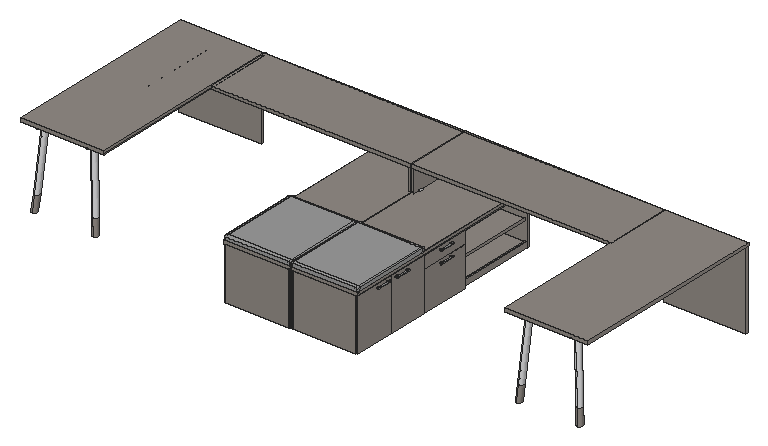
Revit family "JSI-Vision-Typical_Veneer-VSV113", category Furniture, Revit 2020
Family settings
  OmniClass Number = 23.40.20.00
  OmniClass Title = General Furniture and Specialties
  Work Plane-Based = No
  Always vertical = Yes
  Cut with Voids When Loaded = No
  Shared = No
  Room Calculation Point = No
Parameters (values of type "VSV113")
  URL = "www.jsifurniture.com"
  Type Comments = "Typical Veneer"  # constant formula
  Model = "VSV113"
  Manufacturer = "JSI"  # constant formula
  Keynote = "12500"
  Default Elevation = 0"
  Assembly Code = "E2020200"
Reference planes (in)
  plane 1 "Center Front/Back": y = 0
  plane 2: z = 0
  plane 3 "Center Left/Right": x = 0
Dimensions and locks (in)
  aligned and locked: plane 2 to level
Nested families (in)
  nested 1: "JSI-Vision-Bench_Height_Cushion" at (-0.00381, -48, 0.5406) x (0, -1, 0) z (0, 0, 1), type "VSB2430CUSH, 24d Bench H Cushion, 30 W"
    with Width 30"
  nested 2: "JSI-Vision-Support_End_with_Metal_Braces" at (-72, -0.125, 0) x (0, -1, 0) z (0, 0, 1), type "VSV1030ASP, Vision Support End with Metal Braces 28"H, 30"W"
  nested 3: "JSI-Vision-Bench_Height_Support_with_Metal_Braces" at (-0.125, -23.9375, 0) x (-1, 0, 0) z (0, 0, 1), type "VSVB1024ASP, Vision Bench Height Support with Metal Braces 8 1/2"H, 30"W"
  nested 4: "JSI-Vision-Box_File_Modular_Bench_Pedestal" at (0, -30, 0) x (0, -1, 0) z (0, 0, 1), type "VSVB2418MBF, Veneer BF Modular Bench H Ped"
    with Height 18.744", Depth 24"
  nested 5: "JSI-Vision-Hinged_Door_Modular_Bench_Pedestal" at (0, -48, 0) x (0, -1, 0) z (0, 0, 1), type "VSVB2430MHD, Veneer 2 Hngd Doors Modular Bench H Ped"
    with Height 18.744", Depth 24"
  nested 6: "JSI-Vision-Open_Shelf_Modular_Bench_Pedestal" at (0, 0, 0) x (0, -1, 0) z (0, 0, 1), type "VSVB2430MOS, Veneer OS Modular Bench H Ped"
    with Width 30", Height 18.744", Depth 24"
  nested 7: "JSI-Vision-Bench_Height_Modular_Top" at (0, 0, -0.6469) x (0, -1, 0) z (0, 0, 1), type "VSVB2478MT, Veneer Mod Bench H Top, 24" x 78""
    with Width 78", Depth 24"
  nested 8: "JSI-Vision-Bench_Height_Cushion" at (0.00381, -48, 0.5406) x (0, -1, 0) z (0, 0, 1), type "VSB2430CUSH, 24d Bench H Cushion, 30 W"
    with Width 30"
  nested 9: "JSI-Vision-Bench_Height_Support_with_Metal_Braces" at (0.125, -23.9375, 0), type "VSVB1024ASP, Vision Bench Height Support with Metal Braces 8 1/2"H, 30"W"
  nested 10: "JSI-Vision-Box_File_Modular_Bench_Pedestal" at (0, -30, 0) x (0, -1, 0) z (0, 0, 1), type "VSVB2418MBF, Veneer BF Modular Bench H Ped"
    with Height 18.744", Depth 24"
  nested 11: "JSI-Vision-Hinged_Door_Modular_Bench_Pedestal" at (0, -48, 0) x (0, -1, 0) z (0, 0, 1), type "VSVB2430MHD, Veneer 2 Hngd Doors Modular Bench H Ped"
    with Height 18.744", Depth 24"
  nested 12: "JSI-Vision-Open_Shelf_Modular_Bench_Pedestal" at (0, 0, 0) x (0, -1, 0) z (0, 0, 1), type "VSVB2430MOS, Veneer OS Modular Bench H Ped"
    with Width 30", Height 18.744", Depth 24"
  nested 13: "JSI-Vision-Bench_Height_Modular_Top" at (0, 0, -0.6469) x (0, -1, 0) z (0, 0, 1), type "VSVB2478MT, Veneer Mod Bench H Top, 24" x 78""
    with Width 78", Depth 24"
  nested 14: "JSI-Vision-Rectangle_Desk_Top" at (-102, 0, -2) x (0, -1, 0) z (0, 0, 1), type "VSV3072MCT, Veneer Rectangular Desk Top, 30" x 72""
    with Width 72"
  nested 15: "JSI-Vision-Credenza_Top" at (-72, -24, 28), type "VSV2472MCT, Veneer Credenza Top, 24" x 72""
    with Height 0", Width 72", Depth 24"
  nested 16: "JSI-Vision-Credenza_Top" at (72, -24, 28) x (-1, 0, 0) z (0, 0, 1), type "VSV2472MCT, Veneer Credenza Top, 24" x 72""
    with Height 0", Width 72", Depth 24"
  nested 17: "JSI-Vision-Support_End_with_Metal_Braces" at (72, -0.125, 0) x (0, -1, 0) z (0, 0, 1), type "VSV1030ASP, Vision Support End with Metal Braces 28"H, 30"W"
  nested 18: "JSI-Vision-Rectangle_Desk_Top" at (102, 0, -2) x (0, -1, 0) z (0, 0, 1), type "VSV3072MCT, Veneer Rectangular Desk Top, 30" x 72""
    with Width 72"
  nested 19: "JSI-Vision-Wood_Dowel_Base" at (-87, -70.64071, -0.3125) x (0, -1, 0) z (0, 0, 1), type "VSV0228MKL2 - Wood Dowel Base 2"W x 2"D x 28 5/16"H"
  nested 20: "JSI-Vision-Wood_Dowel_Base" at (87, -70.64071, -0.3125) x (0, -1, 0) z (0, 0, 1), type "VSV0228MKL2 - Wood Dowel Base 2"W x 2"D x 28 5/16"H"
  nested 21: "JSI-Vision-Support_Rail_Work_Surface" at (-86, -7, 0.18778) x (0, -1, 0) z (0, 0, 1), type "GP0255SB, Metal Support Rail for Work Surface  2W 55 L 3/4H"
  nested 22: "JSI-Vision-Support_Rail_Work_Surface" at (86, -7, 0.18778) x (0, -1, 0) z (0, 0, 1), type "GP0255SB, Metal Support Rail for Work Surface  2W 55 L 3/4H"
Definition of nested family "JSI-Vision-Bench_Height_Cushion"
  Parameters (values of type "Type Catalog")
    Width = 36"
    URL = "www.jsifurniture.com"
    Type Comments = ""
    Series = "Vision Casegoods"  # constant formula
    Model = "Type Catalog"
    Material = ""
    Manufacturer = "JSI"  # constant formula
    Keynote = "12500"
    JSI Enviromental Website = "http://www.jsifurniture.com/jsi_sustainability_intro.php"
    Height = 1 1/2"
    Description = "Type Catalog"
    Depth = 24"
    Default Elevation = 0"
    Cushion Finish = none
    Bench Height = 19 1/2"
    Assembly Code = "E2020200"
  Reference planes (in)
    plane 1 "Center Front/Back": y = 0
    plane 2: z = 0
    plane 3 "Center Left/Right": x = 0
    plane 4: z = 0
    plane 5: z = 19.5
    plane 6: z = 21
    plane 7: z = 20.625
    plane 8: x = 36
    plane 9: y = -24
  Forms (in)
    Sweep 1, solid, material <- "Cushion Finish"
      path origin (7.5, 51.481, 49.125) x (0, 1, 0) y (0, 0, 1)
        loop
          line (-51.481, -29.625) -> (-51.481, -28.5625)
          arc (-51.481, -28.5625) -> (-51.60914, -28.25314) -> (-51.9185, -28.125) r 0.4375
          line (-51.9185, -28.125) -> (-75.0435, -28.125)
          arc (-75.0435, -28.125) -> (-75.35286, -28.25314) -> (-75.481, -28.5625) r 0.4375
          line (-75.481, -28.5625) -> (-75.481, -29.625)
      profile origin (7.5, -12, 21) x (0, 0, -1) y (1, 0, 0)
        loop
          line (0.375, -7.5) -> (0.375, 28.5)
          spline (0.375, 28.5) -> (0.32605, 28.49144) -> (0.27794, 28.46593) -> (0.23149, 28.42388) -> (0.1875, 28.36603) -> (0.14671, 28.29335) -> (0.10983, 28.20711) -> (0.07749, 28.10876) -> (0.05024, 28) -> (0.02855, 27.88268) -> (0.01278, 27.75882) -> (0.00321, 27.63053) -> (0, 27.5)
          line (0, 27.5) -> (0, -6.5)
          spline (0, -6.5) -> (0.00321, -6.63053) -> (0.01278, -6.75882) -> (0.02855, -6.88268) -> (0.05024, -7) -> (0.07749, -7.10876) -> (0.10983, -7.20711) -> (0.14671, -7.29335) -> (0.1875, -7.36603) -> (0.23149, -7.42388) -> (0.27794, -7.46593) -> (0.32605, -7.49144) -> (0.375, -7.5)
    Extrusion 2, solid, material <- "Cushion Finish"
      sketch origin (7.5, 51.481, 49.125) x (0, 1, 0) y (0, 0, 1)
        loop
          line (-51.856, -29.625) -> (-51.856, -28.5625)
          arc (-51.856, -28.5625) -> (-51.87431, -28.51831) -> (-51.9185, -28.5) r 0.0625
          line (-51.9185, -28.5) -> (-75.0435, -28.5)
          arc (-75.0435, -28.5) -> (-75.0877, -28.51831) -> (-75.106, -28.5625) r 0.0625
          line (-75.106, -28.5625) -> (-75.106, -29.625) -> (-51.856, -29.625)
      from -7.5 to 28.5
  Lines and regions (in)
    symbolic lines
      curve 1: line (36, -0.375, 0) -> (36, -23.625, 0)
      curve 2: line (35, -24, 0) -> (1, -24, 0)
      curve 3: spline (0, -23.625, 0) -> (0.00856, -23.67395, 0) -> (0.03407, -23.72206, 0) -> (0.07612, -23.76851, 0) -> (0.13397, -23.8125, 0) -> (0.20665, -23.85329, 0) -> (0.29289, -23.89017, 0) -> (0.39124, -23.92251, 0) -> (0.5, -23.94976, 0) -> (0.61732, -23.97145, 0) -> (0.74118, -23.98722, 0) -> (0.86947, -23.99679, 0) -> (1, -24, 0)
      curve 4: spline (36, -23.625, 0) -> (35.99144, -23.67395, 0) -> (35.96593, -23.72206, 0) -> (35.92388, -23.76851, 0) -> (35.86603, -23.8125, 0) -> (35.79335, -23.85329, 0) -> (35.70711, -23.89017, 0) -> (35.60876, -23.92251, 0) -> (35.5, -23.94976, 0) -> (35.38268, -23.97145, 0) -> (35.25882, -23.98722, 0) -> (35.13053, -23.99679, 0) -> (35, -24, 0)
      curve 5: line (1, 0, 0) -> (35, 0, 0)
      curve 6: spline (36, -0.375, 0) -> (35.99144, -0.32605, 0) -> (35.96593, -0.27794, 0) -> (35.92388, -0.23149, 0) -> (35.86603, -0.1875, 0) -> (35.79335, -0.14671, 0) -> (35.70711, -0.10983, 0) -> (35.60876, -0.07749, 0) -> (35.5, -0.05024, 0) -> (35.38268, -0.02855, 0) -> (35.25882, -0.01278, 0) -> (35.13053, -0.00321, 0) -> (35, 0, 0)
      curve 7: spline (0, -0.375, 0) -> (0.00856, -0.32605, 0) -> (0.03407, -0.27794, 0) -> (0.07612, -0.23149, 0) -> (0.13397, -0.1875, 0) -> (0.20665, -0.14671, 0) -> (0.29289, -0.10983, 0) -> (0.39124, -0.07749, 0) -> (0.5, -0.05024, 0) -> (0.61732, -0.02855, 0) -> (0.74118, -0.01278, 0) -> (0.86947, -0.00321, 0) -> (1, 0, 0)
      curve 8: line (0, -0.375, 0) -> (0, -23.625, 0)
  Dimensions and locks (in)
    "Height": plane 6 to plane 5
    locked: plane 7 to plane 5 at 1.125
    "Bench Height": plane 5 to level
    "Width": plane 3 "Center Left/Right" to plane 8
    "Depth": plane 1 "Center Front/Back" to plane 9
    locked: Sweep 1 sketch curve to plane 3 "Center Left/Right" at 1
    locked: Sweep 1 sketch curve to plane 8 at 1
    aligned and locked: level to plane 2
    aligned and locked: level to plane 4
    aligned and locked: Sweep 1 to plane 5
    aligned and locked: Extrusion 2 to Sweep 1  (x3)
    aligned and locked: Extrusion 2 to plane 3 "Center Left/Right"
    aligned and locked: Extrusion 2 to plane 8
    aligned and locked: plane 1 "Center Front/Back" to Sweep 1 sketch curve
    aligned and locked: plane 9 to Sweep 1 sketch curve
    aligned and locked: Sweep 1 sketch curve to plane 6
  Automatic sketch dimensions
    Sweep 1 sketch curve to plane 5 = 0"  (x2)
    Sweep 1 sketch curve to plane 7 = 1/16"
    plane 1 "Center Front/Back" to Sweep 1 sketch curve = 7/16"
    Sweep 1 sketch curve to profile plane = 0"
    Sweep 1 sketch curve to profile plane = 3/8"
    Sweep 1 sketch curve to Sweep 1 sketch curve = 1"  (x2)
    Extrusion 2 sketch curve to plane 5 = 0"
    Extrusion 2 sketch curve to plane 7 = 0"
    plane 9 to Extrusion 2 sketch curve = 3/8"
    Extrusion 2 sketch curve to plane 7 = 1/16"
    plane 1 "Center Front/Back" to Extrusion 2 sketch curve = 7/16"
    plane 1 "Center Front/Back" to Extrusion 2 sketch curve = 3/8"
    curve 3 to plane 3 "Center Left/Right" = 0"
    curve 3 to plane 9 = 0"
    plane 1 "Center Front/Back" to curve 7 = 0"
    curve 4 to plane 8 = 0"
    plane 3 "Center Left/Right" to curve 2 = 1"
    plane 3 "Center Left/Right" to curve 5 = 1"
    plane 8 to curve 5 = 1"
    plane 8 to curve 2 = 1"
    plane 9 to curve 1 = 3/8"
    plane 1 "Center Front/Back" to curve 1 = 3/8"
    plane 9 to curve 3 = 3/8"
    plane 1 "Center Front/Back" to curve 8 = 3/8"
Definition of nested family "JSI-Vision-Support_End_with_Metal_Braces"
  Parameters (values of type "VST1030ASP, Vision Support End with Metal Braces 28"H, 30"W")
    Width = 30"
    URL = "www.jsifurniture.com"
    Type Comments = ""
    Support Wood Finish = none
    Support Finish = none
    Series = "Vision Casegoods"  # constant formula
    Model = "VST1030ASP"
    Material = ""
    Manufacturer = "JSI"  # constant formula
    Keynote = "12500"  # constant formula
    JSI Enviromental Website = "http://www.jsifurniture.com/jsi_sustainability_intro.php"
    Height = 28"
    Hardware Finish = none
    Description = "Vision Support End Laminate with Metal Braces -  3/4\"D x 30\"W x 28\"H"
    Depth = 3/4"
    Default Elevation = 0"
    Assembly Code = "E2020200"
  Types (4): name | Width | Model | Description
    VST1030ASP, Vision Support End with Metal Braces 28"H, 30"W | 30" | "VST1030ASP" | "Vision Support End Laminate with Metal Braces -  3/4\"D x 30\"W x 28\"H"
    VST1036ASP, Vision Support End with Metal Braces 28"H, 36"W | 36" | "VST1036ASP" | "Vision Support End Laminate with Metal Braces -  3/4\"D x 36\"W x 28\"H"
    VSV1030ASP, Vision Support End with Metal Braces 28"H, 30"W | 30" | "VSV1030ASP" | "Vision Support End Venner with Metal Braces -  3/4\"D x 30\"W x 28\"H"
    VSV1036ASP, Vision Support End with Metal Braces 28"H, 36"W | 36" | "VSV1036ASP" | "Vision Support End Venner with Metal Braces -  3/4\"D x 36\"W x 28\"H"
  Reference planes (in)
    plane 1 "Center Front/Back": y = 0
    plane 2: z = 0
    plane 3 "Center Left/Right": x = 0
    plane 4: z = 0
    plane 5: z = 28
    plane 6: x = 0.75
    plane 7: y = -30
    plane 8: y = -15
  Forms (in)
    Extrusion 1, solid, material <- "Support Wood Finish"
      sketch origin (0, 0, 0) x (1, 0, 0) y (0, 1, 0)
        loop
          line (0, -0.1875) -> (0, -29.8125) -> (0.75, -29.8125) -> (0.75, -0.1875) -> (0, -0.1875)
      from 0 to 28
    Extrusion 2, solid, material <- "Support Finish"
      sketch origin (0, 0, 0) x (1, 0, 0) y (0, 0, 1)
        loop
          line (1.01072, 21.34172) -> (7.4271, 27.75811)
          arc (7.4271, 27.75811) -> (7.48703, 27.79815) -> (7.55772, 27.81221) r 0.18472
          line (7.55772, 27.81221) -> (10.08071, 27.81221) -> (10.08071, 28) -> (7.55916, 28)
          arc (7.55916, 28) -> (7.41566, 27.97145) -> (7.294, 27.89017) r 0.375
          line (7.294, 27.89017) -> (0.85983, 21.456)
          arc (0.85983, 21.456) -> (0.77855, 21.33434) -> (0.75, 21.19084) r 0.375
          line (0.75, 21.19084) -> (0.75, 18.669) -> (0.9375, 18.669) -> (0.9375, 21.16495)
          arc (0.9375, 21.16495) -> (0.95653, 21.26062) -> (1.01072, 21.34172) r 0.25
      from 10.5 to 11.5
    Extrusion 3, solid, material <- "Support Finish"
      sketch origin (0, -8, 0) x (1, 0, 0) y (0, 0, 1)
        loop
          line (1.01072, 21.34172) -> (7.4271, 27.75811)
          arc (7.4271, 27.75811) -> (7.48703, 27.79815) -> (7.55772, 27.81221) r 0.18472
          line (7.55772, 27.81221) -> (10.08071, 27.81221) -> (10.08071, 28) -> (7.55916, 28)
          arc (7.55916, 28) -> (7.41566, 27.97145) -> (7.294, 27.89017) r 0.375
          line (7.294, 27.89017) -> (0.85983, 21.456)
          arc (0.85983, 21.456) -> (0.77855, 21.33434) -> (0.75, 21.19084) r 0.375
          line (0.75, 21.19084) -> (0.75, 18.669) -> (0.9375, 18.669) -> (0.9375, 21.16495)
          arc (0.9375, 21.16495) -> (0.95653, 21.26062) -> (1.01072, 21.34172) r 0.25
      from 10.5 to 11.5
    Extrusion 4, solid, material <- "Hardware Finish"
      sketch origin (0, 0, 0) x (1, 0, 0) y (0, 0, 1)
        loop
          line (0.75, 28) -> (0.75, 26.9375) -> (0.8125, 26.9375) -> (0.8125, 27.9375) -> (1.8125, 27.9375) -> (1.8125, 28) -> (0.75, 28)
      from 1.6875 to 3.6875
    Extrusion 5, solid, material <- "Hardware Finish"
      sketch origin (0, -8.75, 0) x (1, 0, 0) y (0, 0, 1)
        loop
          line (0.75, 28) -> (0.75, 26.9375) -> (0.8125, 26.9375) -> (0.8125, 27.9375) -> (1.8125, 27.9375) -> (1.8125, 28) -> (0.75, 28)
      from -1.3125 to 0.6875
    Extrusion 6, solid, material <- "Hardware Finish"
      sketch origin (0, -21.875, 0) x (1, 0, 0) y (0, 0, 1)
        loop
          line (0.75, 28) -> (0.75, 26.9375) -> (0.8125, 26.9375) -> (0.8125, 27.9375) -> (1.8125, 27.9375) -> (1.8125, 28) -> (0.75, 28)
      from -1.3125 to 0.6875
    Extrusion 7, solid, material <- "Hardware Finish"
      sketch origin (0, -30.625, 0) x (1, 0, 0) y (0, 0, 1)
        loop
          line (0.75, 28) -> (0.75, 26.9375) -> (0.8125, 26.9375) -> (0.8125, 27.9375) -> (1.8125, 27.9375) -> (1.8125, 28) -> (0.75, 28)
      from -4.3125 to -2.3125
  Lines and regions (in)
    symbolic lines
      curve 1: line (0, -0.1875, 0) -> (0.75, -0.1875, 0)
      curve 2: line (0, -29.8125, 0) -> (0, -0.1875, 0)
      curve 3: line (0.75, -29.8125, 0) -> (0, -29.8125, 0)
      curve 4: line (0.75, -0.1875, 0) -> (0.75, -29.8125, 0)
      curve 5: line (0.75, -1.83336, 0) -> (1.30712, -1.83336, 0)
      curve 6: line (1.30712, -1.83336, 0) -> (1.30712, -3.4108, 0)
      curve 7: line (1.30712, -3.4108, 0) -> (0.75, -3.4108, 0)
      curve 8: line (0.75, -26.5892, 0) -> (1.30712, -26.5892, 0)
      curve 9: line (1.30712, -26.5892, 0) -> (1.30712, -28.16665, 0)
      curve 10: line (1.30712, -28.16665, 0) -> (0.75, -28.16665, 0)
  Dimensions and locks (in)
    "Depth": plane 3 "Center Left/Right" to plane 6
    "Width": plane 1 "Center Front/Back" to plane 7
    locked: Extrusion 1 sketch curve to plane 1 "Center Front/Back" at 0.1875
    locked: Extrusion 1 sketch curve to plane 7 at 0.1875
    equal spacing: plane 7, plane 8, plane 1 "Center Front/Back"
    plane 5 to Extrusion 2 sketch curve to Extrusion 2 sketch curve to Extrusion 2 sketch curve to Extrusion 2 sketch curve to Extrusion 2 sketch curve = 0.18779" locked, 0.18472" locked, 6.43665" locked, 0.02589" locked, 2.49595" locked
    Extrusion 2 sketch curve to Extrusion 2 sketch curve to Extrusion 2 sketch curve to Extrusion 2 sketch curve to Extrusion 2 sketch curve to plane 6 = 2.52299" locked, 6.37022" locked, 1/16" locked, 3/16" locked, 3/16" locked
    Extrusion 3 sketch curve to Extrusion 3 sketch curve to Extrusion 3 sketch curve to Extrusion 3 sketch curve to Extrusion 3 sketch curve = 0.18472" locked, 6.43665" locked, 0.02589" locked, 2.49595" locked
    Extrusion 3 sketch curve to Extrusion 3 sketch curve to Extrusion 3 sketch curve to Extrusion 3 sketch curve to Extrusion 3 sketch curve = 2.52299" locked, 6.37022" locked, 1/16" locked, 3/16" locked
    Extrusion 2 to Extrusion 2 to plane 8 to Extrusion 3 to Extrusion 3 = 1" locked, 3 1/2" locked, 3 1/2" locked, 1" locked
    plane 5 to Extrusion 4 sketch curve to Extrusion 4 sketch curve = 1/16" locked, 1" locked
    plane 6 to Extrusion 4 sketch curve to Extrusion 4 sketch curve = 1/16" locked, 1" locked
    locked: Extrusion 5 sketch curve to Extrusion 5 sketch curve at 1  (x2)
    locked: Extrusion 6 sketch curve to Extrusion 6 sketch curve at 1  (x2)
    locked: Extrusion 7 sketch curve to Extrusion 7 sketch curve at 1  (x2)
    Extrusion 5 to Extrusion 5 to Extrusion 2 to Extrusion 2 to plane 8 to Extrusion 3 to Extrusion 3 to Extrusion 6 to Extrusion 6 = 2" locked, 1 1/16" locked, 1" locked, 3 1/2" locked, 3 1/2" locked, 1" locked, 1 1/16" locked, 2" locked
    plane 1 "Center Front/Back" to Extrusion 4 to Extrusion 4 = 1 11/16" locked, 2" locked
    Extrusion 7 to Extrusion 7 to plane 7 = 2" locked, 1 11/16" locked
    "Height": plane 5 to plane 4
    aligned and locked: level to plane 2
    aligned and locked: plane 3 "Center Left/Right" to Extrusion 1 sketch curve
    aligned and locked: plane 6 to Extrusion 1 sketch curve
    aligned and locked: plane 5 to Extrusion 1
    aligned and locked: curve 1 to Extrusion 1
    aligned and locked: curve 2 to Extrusion 1
    aligned and locked: curve 3 to Extrusion 1
    aligned and locked: curve 4 to Extrusion 1
    aligned and locked: Extrusion 2 sketch curve to plane 5
    aligned and locked: Extrusion 2 sketch curve to plane 6
    aligned and locked: Extrusion 4 sketch curve to plane 5
    aligned and locked: plane 6 to Extrusion 4 sketch curve
    aligned and locked: Extrusion 1 to plane 4
  Automatic sketch dimensions
    curve 7 to curve 6 = 0.55712"
    curve 8 to curve 8 = 0.55712"
    curve 3 to curve 9 = 1.64585"
    curve 9 to curve 9 = 1.57745"
    curve 6 to curve 1 = 3.2233"
    curve 6 to curve 5 = 1.57744"
    Extrusion 2 sketch curve to plane 6 = 0.10983"
    Extrusion 2 sketch curve to Extrusion 2 sketch curve = 0.15089"
    Extrusion 2 sketch curve to plane 5 = 0.10983"
    Extrusion 2 sketch curve to Extrusion 2 sketch curve = 0.26372"
    Extrusion 2 sketch curve to plane 5 = 0.24189"
    Extrusion 2 sketch curve to Extrusion 2 sketch curve = 0.00144"
    plane 6 to Extrusion 3 sketch curve = 0"
    Extrusion 3 sketch curve to plane 5 = 0"
    Extrusion 3 sketch curve to plane 6 = 0.10983"
    Extrusion 3 sketch curve to Extrusion 3 sketch curve = 3/16"
    Extrusion 3 sketch curve to Extrusion 3 sketch curve = 0.15089"
    Extrusion 3 sketch curve to plane 5 = 0.10983"
    Extrusion 3 sketch curve to Extrusion 3 sketch curve = 0.26372"
    Extrusion 3 sketch curve to plane 5 = 0.24189"
    Extrusion 3 sketch curve to Extrusion 3 sketch curve = 0.13062"
    Extrusion 3 sketch curve to Extrusion 3 sketch curve = 0.00144"
    Extrusion 5 sketch curve to plane 5 = 0"
    plane 6 to Extrusion 5 sketch curve = 0"
    Extrusion 5 sketch curve to plane 6 = 1/16"
    Extrusion 5 sketch curve to plane 5 = 1/16"
    Extrusion 6 sketch curve to plane 5 = 0"
    plane 6 to Extrusion 6 sketch curve = 0"
    Extrusion 6 sketch curve to plane 6 = 1/16"
    Extrusion 6 sketch curve to plane 5 = 1/16"
    Extrusion 7 sketch curve to plane 5 = 0"
    plane 6 to Extrusion 7 sketch curve = 0"
    Extrusion 7 sketch curve to plane 6 = 1/16"
    Extrusion 7 sketch curve to plane 5 = 1/16"
Definition of nested family "JSI-Vision-Bench_Height_Support_with_Metal_Braces"
  Parameters (values of type "VSVB1030ASP, Vision Bench Height Support with Metal Braces 8 1/2"H, 30"W")
    Width = 30"
    URL = "www.jsifurniture.com"
    Type Comments = ""
    Support Wood Finish = none
    Series = "Vision Casegoods"  # constant formula
    Model = "VSVB1030ASP"
    Material = ""
    Manufacturer = "JSI"  # constant formula
    Keynote = "12500"  # constant formula
    JSI Enviromental Website = "http://www.jsifurniture.com/jsi_sustainability_intro.php"
    Height = 8 1/2"
    Hardware Finish = none
    Description = "Vision Bench Height Support Venner with Metal Braces -  3/4\"D x 30\"W x 8 1/2\"H"
    Depth = 3/4"
    Default Elevation = 0"
    Braces Finish = none
    Assembly Code = "E2020200"
  Types (4): name | Width | Model | Description
    VSTB1030ASP, Vision Bench Height Support with Metal Braces 8 1/2"H, 30"W | 30" | "VSTB1030ASP" | "Vision Bench Height Support Laminate with Metal Braces -  3/4\"D x 30\"W x 8 1/2\"H"
    VSTB1024ASP, Vision Bench Height Support with Metal Braces 8 1/2"H, 30"W | 24" | "VSTB1024ASP" | "Vision Bench Height Support Laminate with Metal Braces -  3/4\"D x 24\"W x 8 1/2\"H"
    VSVB1024ASP, Vision Bench Height Support with Metal Braces 8 1/2"H, 30"W | 24" | "VSVB1024ASP" | "Vision Bench Height Support Venner with Metal Braces -  3/4\"D x 24\"W x 8 1/2\"H"
    VSVB1030ASP, Vision Bench Height Support with Metal Braces 8 1/2"H, 30"W | 30" | "VSVB1030ASP" | "Vision Bench Height Support Venner with Metal Braces -  3/4\"D x 30\"W x 8 1/2\"H"
  Reference planes (in)
    plane 1 "Center Front/Back": y = 0
    plane 2: z = 0
    plane 3 "Center Left/Right": x = 0
    plane 4: z = 0
    plane 5: z = 19.5
    plane 6: z = 28
    plane 7: x = 0.75
    plane 8: y = -30
    plane 9: y = -15
    plane 10: y = -15
  Forms (in)
    Extrusion 1, solid, material <- "Support Wood Finish"
      sketch origin (0, 0, 0) x (1, 0, 0) y (0, 1, 0)
        loop
          line (0, -0.1875) -> (0, -29.8125) -> (0.75, -29.8125) -> (0.75, -0.1875) -> (0, -0.1875)
      from 19.5 to 28
    Extrusion 2, solid, material <- "Hardware Finish"
      sketch origin (0, 0, 0) x (0, 1, 0) y (0, 0, 1)
        loop
          arc (-1.86564, 19.52497) -> (-1.84252, 19.53472) -> (-1.83336, 19.55808) r 0.03229
          arc (-1.83336, 19.55808) -> (-1.86769, 19.88335) -> (-1.95317, 20.19905) r 2.05609
          arc (-1.95317, 20.19905) -> (-2.03253, 20.3101) -> (-2.15839, 20.36291) r 0.25
          arc (-2.15839, 20.36291) -> (-2.62208, 20.39096) -> (-3.08578, 20.36291) r 3.84687
          arc (-3.08578, 20.36291) -> (-3.21163, 20.3101) -> (-3.29099, 20.19905) r 0.25
          arc (-3.29099, 20.19905) -> (-3.37647, 19.88335) -> (-3.4108, 19.55808) r 2.05609
          arc (-3.4108, 19.55808) -> (-3.40165, 19.53472) -> (-3.37853, 19.52497) r 0.03229
          line (-3.37853, 19.52497) -> (-1.86564, 19.52497)
        loop
          line (-28.13436, 19.52497) -> (-26.62147, 19.52497)
          arc (-26.62147, 19.52497) -> (-26.59835, 19.53472) -> (-26.5892, 19.55808) r 0.03229
          arc (-26.5892, 19.55808) -> (-26.62353, 19.88335) -> (-26.70901, 20.19905) r 2.05609
          arc (-26.70901, 20.19905) -> (-26.78837, 20.3101) -> (-26.91422, 20.36291) r 0.25
          arc (-26.91422, 20.36291) -> (-27.37792, 20.39096) -> (-27.84161, 20.36291) r 3.84687
          arc (-27.84161, 20.36291) -> (-27.96747, 20.3101) -> (-28.04683, 20.19905) r 0.25
          arc (-28.04683, 20.19905) -> (-28.13231, 19.88335) -> (-28.16664, 19.55808) r 2.05609
          arc (-28.16664, 19.55808) -> (-28.15748, 19.53472) -> (-28.13436, 19.52497) r 0.03229
      from 0.75 to 1.30712
    Extrusion 3, solid, material <- "Braces Finish"
      sketch origin (0, 0, 0) x (0, 1, 0) y (0, 0, 1)
        loop
          line (-10.4375, 25.78125) -> (-10.4375, 27.875)
          arc (-10.4375, 27.875) -> (-10.47411, 27.96339) -> (-10.5625, 28) r 0.125
          line (-10.5625, 28) -> (-11.3125, 28) -> (-11.3125, 27.943) -> (-10.55504, 27.943)
          arc (-10.55504, 27.943) -> (-10.51223, 27.92527) -> (-10.4945, 27.88246) r 0.06054
          line (-10.4945, 27.88246) -> (-10.4945, 25.78125) -> (-10.4375, 25.78125)
        loop
          line (-19.5625, 25.78125) -> (-19.5055, 25.78125) -> (-19.5055, 27.88246)
          arc (-19.5055, 27.88246) -> (-19.48777, 27.92527) -> (-19.44496, 27.943) r 0.06054
          line (-19.44496, 27.943) -> (-18.6875, 27.943) -> (-18.6875, 28) -> (-19.4375, 28)
          arc (-19.4375, 28) -> (-19.52589, 27.96339) -> (-19.5625, 27.875) r 0.125
          line (-19.5625, 27.875) -> (-19.5625, 25.78125)
      from 0.75 to 2.96875
    Extrusion 4, solid, material <- "Braces Finish"
      sketch origin (0, 0, 0) x (1, 0, 0) y (0, 1, 0)
        loop
          line (0.807, -10.4945) -> (0.75, -10.4945) -> (0.75, -11.3125) -> (0.807, -11.3125) -> (0.807, -10.4945)
        loop
          line (0.807, -19.5055) -> (0.807, -18.6875) -> (0.75, -18.6875) -> (0.75, -19.5055) -> (0.807, -19.5055)
      from 25.78125 to 27.75
    Extrusion 5, void
      sketch origin (0, 3, 0) x (1, 0, 0) y (0, 0, 1)
        loop
          line (2.96875, 28) -> (0.75, 25.78125) -> (0.75, 25.71714) -> (3.02938, 25.71714) -> (3.02938, 28) -> (2.96875, 28)
      from 12.98977 to 14.8125
    Extrusion 6, void
      sketch origin (0, -27, 0) x (1, 0, 0) y (0, 0, -1)
        loop
          line (2.96875, -28) -> (3.02938, -28) -> (3.02938, -25.71714) -> (0.75, -25.71714) -> (0.75, -25.78125) -> (2.96875, -28)
      from 6.98977 to 8.8125
  Cuts and joins
    Extrusion 5, Extrusion 6 cuts Extrusion 3
    joined: Extrusion 3, Extrusion 4
  Lines and regions (in)
    symbolic lines
      curve 1: line (0, -0.1875, 0) -> (0.75, -0.1875, 0)
      curve 2: line (0, -29.8125, 0) -> (0, -0.1875, 0)
      curve 3: line (0.75, -29.8125, 0) -> (0, -29.8125, 0)
      curve 4: line (0.75, -0.1875, 0) -> (0.75, -29.8125, 0)
      curve 5: line (0.75, -1.83336, 0) -> (1.30712, -1.83336, 0)
      curve 6: line (1.30712, -1.83336, 0) -> (1.30712, -3.4108, 0)
      curve 7: line (1.30712, -3.4108, 0) -> (0.75, -3.4108, 0)
      curve 8: line (0.75, -26.5892, 0) -> (1.30712, -26.5892, 0)
      curve 9: line (1.30712, -26.5892, 0) -> (1.30712, -28.16665, 0)
      curve 10: line (1.30712, -28.16665, 0) -> (0.75, -28.16665, 0)
      curve 11: line (2.96875, -18.6875, 0) -> (0.75, -18.6875, 0)
      curve 12: line (2.96875, -19.44805, 0) -> (2.96875, -18.6875, 0)
      curve 13: spline (2.84403, -19.5599, 0) -> (2.8574, -19.56165, 0) -> (2.87081, -19.56114, 0) -> (2.88409, -19.55836, 0) -> (2.89704, -19.55337, 0) -> (2.90947, -19.54623, 0) -> (2.92122, -19.53704, 0) -> (2.9321, -19.52593, 0) -> (2.94197, -19.51307, 0) -> (2.95069, -19.49864, 0) -> (2.95812, -19.48284, 0) -> (2.96417, -19.46589, 0) -> (2.96875, -19.44805, 0)
      curve 14: line (0.75, -19.5625, 0) -> (2.84375, -19.5625, 0)
      curve 15: line (2.84375, -10.4375, 0) -> (0.75, -10.4375, 0)
      curve 16: spline (2.96875, -10.55195, 0) -> (2.96417, -10.53411, 0) -> (2.95812, -10.51716, 0) -> (2.95069, -10.50136, 0) -> (2.94197, -10.48693, 0) -> (2.9321, -10.47407, 0) -> (2.92122, -10.46296, 0) -> (2.90947, -10.45377, 0) -> (2.89704, -10.44663, 0) -> (2.88409, -10.44164, 0) -> (2.87081, -10.43886, 0) -> (2.8574, -10.43835, 0) -> (2.84403, -10.4401, 0)
      curve 17: line (2.96875, -11.3125, 0) -> (2.96875, -10.55195, 0)
      curve 18: line (0.75, -11.3125, 0) -> (2.96875, -11.3125, 0)
  Dimensions and locks (in)
    "Depth": plane 3 "Center Left/Right" to plane 7
    "Width": plane 1 "Center Front/Back" to plane 8
    locked: Extrusion 1 sketch curve to plane 1 "Center Front/Back" at 0.1875
    locked: Extrusion 1 sketch curve to plane 8 at 0.1875
    "Height": plane 6 to plane 5
    locked: plane 5 to plane 4 at 19.5
    plane 1 "Center Front/Back" to Extrusion 2 sketch curve to Extrusion 2 sketch curve to Extrusion 2 sketch curve to Extrusion 2 sketch curve to Extrusion 2 sketch curve to Extrusion 2 sketch curve to Extrusion 2 sketch curve = 1.35538" locked, 0.51026" locked, 0.32289" locked, 0.43356" locked, 0.43356" locked, 0.32289" locked, 0.51026" locked
    Extrusion 2 sketch curve to Extrusion 2 sketch curve to Extrusion 2 sketch curve to plane 5 to Extrusion 2 sketch curve = 0.55747" locked, 0.05169" locked, 0.00556" locked, 2.95591" locked  (x2)
    Extrusion 2 sketch curve to Extrusion 2 sketch curve to Extrusion 2 sketch curve to Extrusion 2 sketch curve to Extrusion 2 sketch curve to Extrusion 2 sketch curve to Extrusion 2 sketch curve to plane 8 = 0.51026" locked, 0.32289" locked, 0.43356" locked, 0.43356" locked, 0.32289" locked, 0.51026" locked, 1.35538" locked
    locked: Extrusion 2 to plane 7 at 0.55712
    locked: Extrusion 3 to plane 7 at 2.21875
    locked: Extrusion 1 to Extrusion 4 sketch curve at 0.057
    Extrusion 3 sketch curve to Extrusion 3 sketch curve to Extrusion 3 sketch curve to plane 10 to Extrusion 3 sketch curve to Extrusion 3 sketch curve to Extrusion 3 sketch curve = 0.057" locked, 0.818" locked, 3 11/16" locked, 3 11/16" locked, 0.818" locked, 0.057" locked
    plane 6 to Extrusion 3 sketch curve to Extrusion 3 sketch curve = 0.057" locked, 2.16175" locked
    Extrusion 4 sketch curve to Extrusion 4 sketch curve to plane 9 to Extrusion 4 sketch curve to Extrusion 4 sketch curve = 0.818" locked, 3 11/16" locked, 3 11/16" locked, 0.818" locked
    equal spacing: plane 8, plane 9, plane 1 "Center Front/Back"
    equal spacing: plane 8, plane 10, plane 1 "Center Front/Back"
    Extrusion 5 to Extrusion 5 to plane 10 to Extrusion 6 to Extrusion 6 = 1.82273" locked, 3 3/16" locked, 3 3/16" locked, 1.82273" locked
    aligned and locked: level to plane 2
    aligned and locked: plane 3 "Center Left/Right" to Extrusion 1 sketch curve
    aligned and locked: plane 7 to Extrusion 1 sketch curve
    aligned and locked: plane 6 to Extrusion 1
    aligned and locked: Extrusion 1 to plane 5
    aligned and locked: plane 7 to Extrusion 2
    aligned and locked: plane 7 to Extrusion 3
    aligned and locked: Extrusion 4 sketch curve to Extrusion 1
    aligned and locked: Extrusion 4 to Extrusion 3
    aligned and locked: plane 6 to Extrusion 3 sketch curve
    aligned and locked: Extrusion 3 sketch curve to plane 6
    aligned and locked: Extrusion 3 sketch curve to Extrusion 3 sketch curve
    aligned and locked: curve 1 to Extrusion 1
    aligned and locked: curve 2 to Extrusion 1
    aligned and locked: curve 3 to Extrusion 1
    aligned and locked: curve 4 to Extrusion 1
    aligned and locked: curve 11 to cut or joined group of Extrusion 3, Extrusion 4, Extrusion 5, Extrusion 6
    aligned and locked: curve 14 to cut or joined group of Extrusion 3, Extrusion 4, Extrusion 5, Extrusion 6
    aligned and locked: cut or joined group of Extrusion 3, Extrusion 4, Extrusion 5, Extrusion 6 to curve 15
    aligned and locked: curve 18 to cut or joined group of Extrusion 3, Extrusion 4, Extrusion 5, Extrusion 6
  Automatic sketch dimensions
    curve 8 to curve 9 = 0.55712"
    curve 7 to curve 7 = 0.55712"
    curve 11 to curve 11 = 2 7/32"
    curve 3 to curve 10 = 1.64585"
    curve 9 to curve 8 = 1.57745"
    curve 14 to curve 12 = 0.11445"
    curve 17 to curve 15 = 0.11445"
    curve 7 to curve 1 = 3.2233"
    curve 6 to curve 5 = 1.57744"
    curve 14 to curve 12 = 1/8"
    curve 15 to curve 16 = 1/8"
    curve 14 to curve 13 = 0.00028"
    curve 15 to curve 16 = 0.00028"
    curve 16 to curve 16 = 0.01703"
    curve 13 to curve 13 = 0.01703"
    curve 14 to curve 13 = 0.00076"
    curve 14 to curve 13 = 0.0026"
    curve 16 to curve 16 = 0.04517"
    curve 16 to curve 15 = 0.0026"
    plane 5 to Extrusion 2 sketch curve = 0.00556"  (x2)
    plane 5 to Extrusion 2 sketch curve = 0.02497"  (x2)
    Extrusion 2 sketch curve to Extrusion 2 sketch curve = 0.03229"  (x2)
    plane 5 to Extrusion 2 sketch curve = 0.61473"  (x2)
    Extrusion 2 sketch curve to Extrusion 2 sketch curve = 0"  (x10)
    Extrusion 3 sketch curve to plane 6 = 0.057"
    Extrusion 3 sketch curve to Extrusion 3 sketch curve = 0.06054"
    Extrusion 3 sketch curve to Extrusion 3 sketch curve = 0.00746"  (x2)
    Extrusion 3 sketch curve to Extrusion 3 sketch curve = 0.068"
    Extrusion 4 sketch curve to plane 7 = 0"
    Extrusion 4 sketch curve to plane 7 = 0.057"
    plane 7 to Extrusion 5 sketch curve = 0"
    Extrusion 5 sketch curve to plane 6 = 0"
    Extrusion 5 sketch curve to plane 7 = 2 7/32"
    Extrusion 5 sketch curve to Extrusion 5 sketch curve = 0.06063"
    Extrusion 5 sketch curve to plane 6 = 2 7/32"
    Extrusion 5 sketch curve to Extrusion 5 sketch curve = 0.06411"
    plane 7 to Extrusion 6 sketch curve = 0"
    Extrusion 6 sketch curve to plane 6 = 0"
    Extrusion 6 sketch curve to plane 7 = 2 7/32"
    Extrusion 6 sketch curve to Extrusion 6 sketch curve = 0.06063"
    Extrusion 6 sketch curve to plane 6 = 2 7/32"
    Extrusion 6 sketch curve to Extrusion 6 sketch curve = 0.06411"
    curve 18 to curve 17 = 2 7/32"
Definition of nested family "JSI-Vision-Box_File_Modular_Bench_Pedestal"
  Parameters (values of type "Type Catalog")
    Width = 18"
    URL = "www.jsifurniture.com"
    Top = none
    Tag = "BF"
    Series = "Vision Casegoods"  # constant formula
    Pull Finish = none
    Model = "Type Catalog"
    Manufacturer = "JSI"  # constant formula
    Keynote = "12500"
    JSI Enviromental Website = "http://www.jsifurniture.com/jsi_sustainability_intro.php"
    Height = 18 3/4"
    Description = "Type Catalog"
    Depth = 18"
    Default Elevation = 0"
    Chassis = none
    Drawer Front = none
    Assembly Code = "E2020200"
  Reference planes (in)
    plane 1 "Center Front/Back": y = 0
    plane 2: z = 0
    plane 3 "Center Left/Right": x = 0
    plane 4: x = 18
    plane 5: y = -17.12
    plane 6: y = -17.25
    plane 7: x = 0.0625
    plane 8: x = 17.9375
    plane 9: y = -18
    plane 10: z = 0.14
    plane 11: z = 14.3909
    plane 12: z = 14.5159
    plane 13: x = 0.75
    plane 14: x = 17.25
    plane 15: y = -0.75
    plane 16: y = -16.37913
    plane 17: x = 9
    plane 18: z = 18.75
    plane 19: z = 18.6409
    plane 20: z = 18
  Forms (in)
    Extrusion 1, solid, material <- "Chassis"
      sketch origin (0.125, -0.1875, 48) x (0, 1, 0) y (0, 0, 1)
        loop
          line (-0.5625, -29.25) -> (-16.9325, -29.25) -> (-16.9325, -48) -> (-0.5625, -48) -> (-0.5625, -29.25)
      from -0.125 to 0.625
    Extrusion 2, solid, material <- "Chassis"
      sketch origin (29.875, -0.1875, 48) x (0, 1, 0) y (0, 0, 1)
        loop
          line (-0.5625, -29.25) -> (-16.9325, -29.25) -> (-16.9325, -48) -> (-0.5625, -48) -> (-0.5625, -29.25)
      from -12.625 to -11.875
    Extrusion 3, solid, material <- "Drawer Front"
      sketch origin (0, 0, 0) x (1, 0, 0) y (0, 0, 1)
        loop
          line (0.0625, 18.6409) -> (0.0625, 14.5159) -> (17.9375, 14.5159) -> (17.9375, 18.6409) -> (0.0625, 18.6409)
        loop
          line (0.0625, 14.3909) -> (0.0625, 0.14) -> (17.9375, 0.14) -> (17.9375, 14.3909) -> (0.0625, 14.3909)
      from 17.25 to 18
    Extrusion 4, solid, material <- "Chassis"
      sketch origin (0, 0, 0) x (1, 0, 0) y (0, 1, 0)
        loop
          line (0.75, -16.37913) -> (0.75, -17.12) -> (17.25, -17.12) -> (17.25, -16.37913) -> (0.75, -16.37913)
      from 0 to 1.9375
    Extrusion 5, solid, material <- "Top"
      sketch origin (0, 0, 0) x (0, 1, 0) y (0, 0, 1)
        loop
          line (-1.5, 18.75) -> (-17.12, 18.75) -> (-17.12, 18) -> (-1.5, 18) -> (-1.5, 18.75)
      from 0.75 to 17.25
    Extrusion 6, solid, material <- "Chassis"
      sketch origin (0, 0, 0) x (0, 1, 0) y (0, 0, 1)
        loop
          line (-1.5, 13.75) -> (-0.75, 13.75) -> (-0.75, 18.75) -> (-1.5, 18.75) -> (-1.5, 13.75)
        loop
          line (-1.5, 0) -> (-0.75, 0) -> (-0.75, 5) -> (-1.5, 5) -> (-1.5, 0)
      from 0.75 to 17.25
  Lines and regions (in)
    symbolic lines
      curve 1: line (0, 0, 0) -> (18, 0, 0)
      curve 2: line (0, -17.12, 0) -> (0, 0, 0)
      curve 3: line (18, -17.12, 0) -> (0, -17.12, 0)
      curve 4: line (18, 0, 0) -> (18, -17.12, 0)
      curve 5: line (0.0625, -17.25, 0) -> (17.9375, -17.25, 0)
      curve 6: line (0.0625, -18, 0) -> (0.0625, -17.25, 0)
      curve 7: line (17.9375, -18, 0) -> (0.0625, -18, 0)
      curve 8: line (17.9375, -17.25, 0) -> (17.9375, -18, 0)
  Dimensions and locks (in)
    plane 16 to plane 5 to plane 6 to plane 9 = 0.74087" locked, 0.13" locked, 3/4" locked
    "Depth": plane 1 "Center Front/Back" to plane 9
    locked: plane 19 to plane 18 at 0.1091
    "Width": plane 3 "Center Left/Right" to plane 4
    equal spacing: plane 3 "Center Left/Right", plane 17, plane 4
    plane 1 "Center Front/Back" to plane 15 = 3/4"
    "Height": plane 18 to level
    locked: plane 18 to plane 20 at 0.75
    locked: plane 12 to plane 11 at 0.125
    plane 19 to plane 12 to plane 10 to plane 2 = 4 1/8" locked, 14.3759" locked, 0.14" locked
    plane 3 "Center Left/Right" to plane 7 to plane 13 = 1/16" locked, 11/16" locked
    plane 14 to plane 8 to plane 4 = 11/16" locked, 1/16" locked
    locked: Extrusion 6 sketch curve to plane 2 at 5
    locked: Extrusion 6 sketch curve to plane 18 at 5
    locked: plane 15 to Extrusion 6 sketch curve at 0.75
    locked: Extrusion 3 to nested 2 at 0.75
    locked: Extrusion 3 to nested 1 at 0.75
    aligned and locked: level to plane 2
    aligned and locked: plane 15 to Extrusion 1 sketch curve
    aligned and locked: Extrusion 1 sketch curve to plane 5
    aligned and locked: Extrusion 1 sketch curve to level
    aligned and locked: plane 13 to Extrusion 1
    aligned and locked: Extrusion 2 sketch curve to plane 15
    aligned and locked: level to Extrusion 2 sketch curve
    aligned and locked: plane 5 to Extrusion 2 sketch curve
    aligned and locked: Extrusion 3 sketch curve to plane 7  (x2)
    aligned and locked: plane 8 to Extrusion 3 sketch curve  (x2)
    aligned and locked: plane 12 to Extrusion 3 sketch curve
    aligned and locked: Extrusion 3 sketch curve to plane 11
    aligned and locked: plane 10 to Extrusion 3 sketch curve
    aligned and locked: Extrusion 3 to plane 9
    aligned and locked: plane 6 to Extrusion 3
    aligned and locked: Extrusion 4 sketch curve to plane 16
    aligned and locked: plane 13 to Extrusion 4 sketch curve
    aligned and locked: nested 1 to plane 9
    aligned and locked: nested 2 to plane 9
    aligned and locked: nested 2 to plane 17
    aligned and locked: nested 1 to plane 17
    aligned and locked: plane 17 to nested 3
    aligned and locked: nested 3 to plane 9
    aligned and locked: plane 18 to Extrusion 2
    aligned and locked: plane 18 to Extrusion 1
    aligned and locked: plane 19 to Extrusion 3 sketch curve
    aligned and locked: Extrusion 1 to plane 3 "Center Left/Right"
    aligned and locked: plane 3 "Center Left/Right" to curve 2
    aligned and locked: plane 1 "Center Front/Back" to curve 1
    aligned and locked: plane 4 to Extrusion 2
    aligned and locked: curve 4 to plane 4
    aligned and locked: Extrusion 5 sketch curve to plane 18
    aligned and locked: Extrusion 2 to plane 14
    aligned and locked: Extrusion 5 to plane 5
    aligned and locked: plane 14 to Extrusion 5
    aligned and locked: Extrusion 6 sketch curve to Extrusion 6 sketch curve  (x2)
    aligned and locked: plane 15 to Extrusion 6 sketch curve
    aligned and locked: plane 18 to Extrusion 6 sketch curve
    aligned and locked: Extrusion 6 sketch curve to plane 2
    aligned and locked: Extrusion 6 to Extrusion 5 sketch curve
    aligned and locked: Extrusion 6 to plane 13
    aligned and locked: plane 14 to Extrusion 6
  Automatic sketch dimensions
    Extrusion 4 sketch curve to plane 5 = 0"
    Extrusion 4 sketch curve to plane 14 = 0"
    curve 6 to plane 6 = 0"
    curve 6 to plane 7 = 0"
    curve 5 to plane 8 = 0"
    curve 6 to plane 9 = 0"
    curve 2 to plane 5 = 0"
    Extrusion 1 sketch curve to plane 18 = 0"
    Extrusion 2 sketch curve to plane 18 = 0"
    Extrusion 5 sketch curve to Extrusion 5 sketch curve = 3/4"
    plane 9 to Extrusion 5 sketch curve = 0.88"
  Nested families (in)
    nested 1: "Bar Pull" at (9, -18, 13.6409), Pull Finish <- "Pull Finish", type "PL"
      with Pull Finish none
    nested 2: "Bar Pull" at (9, -18, 17.8909), Pull Finish <- "Pull Finish", type "PL"
      with Pull Finish none
    nested 3: "Label 1-16" at (9, -18, 0), type "DRWCFG"
  Definition of nested family "Bar Pull"
    Parameters
      Pull Finish [instance] = none
      Default Elevation = 0"
    Reference planes (in)
      plane 1 "Center Front/Back": y = 0
      plane 2: z = 0
      plane 3 "Center Left/Right": x = 0
      plane 4: x = -2.68731
      plane 5: x = -1.88731
      plane 6: x = 2.68731
      plane 7: x = 1.88731
      plane 8: y = -1
      plane 9: y = -0.85202
    Forms (in)
      Extrusion 1, solid, material <- "Pull Finish"
        sketch origin (0, 0, 0) x (0, 1, 0) y (0, 0, 1)
          loop
            line (0, -0.2015) -> (0, 0.2015) -> (-0.85202, 0.2015)
            arc (-0.85202, 0.2015) -> (-0.75, 0) -> (-0.85202, -0.2015) r 0.25
            line (-0.85202, -0.2015) -> (0, -0.2015)
        from 1.88731 to 2.68731
      Extrusion 2, solid, material <- "Pull Finish"
        sketch origin (0, 0, 0) x (0, 1, 0) y (0, 0, 1)
          loop
            circle (-1, 0) r 0.25
        from -2.68731 to 2.68731
      Extrusion 3, solid, material <- "Pull Finish"
        sketch origin (0, 0, 0) x (0, 1, 0) y (0, 0, -1)
          loop
            line (0, 0.2015) -> (-0.85202, 0.2015)
            arc (-0.85202, 0.2015) -> (-0.75, 0) -> (-0.85202, -0.2015) r 0.25
            line (-0.85202, -0.2015) -> (0, -0.2015) -> (0, 0.2015)
        from 1.88731 to 2.68731
    Dimensions and locks (in)
      plane 4 to plane 5 to plane 3 "Center Left/Right" to plane 7 to plane 6 = 0.8" locked, 1.88731" locked, 1.88731" locked, 0.8" locked
      plane 8 to plane 9 to plane 1 "Center Front/Back" = 0.14798" locked, 0.85202" locked
      aligned and locked: level to plane 2
      aligned and locked: plane 4 to Extrusion 3
      aligned and locked: Extrusion 3 to plane 5
      aligned and locked: plane 4 to Extrusion 2
      aligned and locked: Extrusion 1 to plane 7
      aligned and locked: plane 6 to Extrusion 1
      aligned and locked: plane 6 to Extrusion 2
      aligned and locked: plane 8 to Extrusion 2 sketch curve
      aligned and locked: Extrusion 3 to plane 1 "Center Front/Back"
      aligned and locked: Extrusion 1 to plane 1 "Center Front/Back"
      aligned and locked: plane 5 to Extrusion 3
      aligned and locked: Extrusion 3 to plane 4
      aligned and locked: Extrusion 2 to plane 4
      aligned and locked: plane 7 to Extrusion 1
      aligned and locked: Extrusion 1 to plane 6
      aligned and locked: Extrusion 2 to plane 6
  Definition of nested family "Label 1-16"
    Parameters
      Width = 1"
      Model Name = "FF"
    Reference planes (in)
      plane 1: y = 0
      plane 2: x = 0
    Text (in)
      label "XX" at (0.00051, -0.12324, 0), shows "Model Name"
Definition of nested family "JSI-Vision-Hinged_Door_Modular_Bench_Pedestal"
  Parameters (values of type "Type Catalog")
    Width = 30"
    URL = "www.jsifurniture.com"
    Top = none
    Tag = "DOOR"
    Series = "Vision Casegoods"  # constant formula
    Pull Finish = none
    Model = "Type Catalog"
    Manufacturer = "JSI"  # constant formula
    Keynote = "12500"
    JSI Enviromental Website = "http://www.jsifurniture.com/jsi_sustainability_intro.php"
    Height = 18 3/4"
    Door Front = none
    Description = "Type Catalog"
    Depth = 18"
    Default Elevation = 0"
    Chassis = none
    Assembly Code = "E2020200"
  Reference planes (in)
    plane 1 "Center Front/Back": y = 0
    plane 2: z = 0
    plane 3 "Center Left/Right": x = 0
    plane 4: x = 30
    plane 5: x = 0.18716
    plane 6: x = 29.81244
    plane 7: z = 10.33219
    plane 8: x = 0.75
    plane 9: x = 29.126
    plane 10: y = -0.8125
    plane 11: y = -17.25
    plane 12: x = 15
    plane 13: z = 18.8591
    plane 14: z = 18.75
    plane 15: z = 9.58219
    plane 16: z = 1.9375
    plane 17: z = 1.1875
    plane 18: y = -17
    plane 19: y = -18
    plane 20: y = -16.125
    plane 21: z = 0.14
    plane 22: x = 14.875
    plane 23: x = 15.125
    plane 24: z = 18
    plane 25: x = 10.875
    plane 26: x = 19.125
    plane 27: z = 18.1091
  Forms (in)
    Extrusion 1, solid, material <- "Chassis"
      sketch origin (0, 0, 0) x (1, 0, 0) y (0, 1, 0)
        loop
          line (0, 0) -> (0, -0.8125) -> (30, -0.8125) -> (30, 0) -> (0, 0)
      from 0 to 18.8591
    Extrusion 2, solid, material <- "Chassis"
      sketch origin (0.125, -0.1875, 48) x (0, 1, 0) y (0, 0, 1)
        loop
          line (-0.625, -29.1409) -> (-17.0625, -29.1409) -> (-17.0625, -48) -> (-0.625, -48) -> (-0.625, -29.1409)
      from -0.125 to 0.625
    Extrusion 3, solid, material <- "Chassis"
      sketch origin (29.875, -0.1875, 48) x (0, 1, 0) y (0, 0, 1)
        loop
          line (-0.625, -29.1409) -> (-17.0625, -29.1409) -> (-17.0625, -48) -> (-0.625, -48) -> (-0.625, -29.1409)
      from -0.749 to 0.125
    Extrusion 4, solid, material <- "Chassis"
      sketch origin (0, 0, 0) x (1, 0, 0) y (0, 1, 0)
        loop
          line (0.75, -16.125) -> (0.75, -17) -> (29.126, -17) -> (29.126, -16.125) -> (0.75, -16.125)
      from 0 to 1.1875
    Extrusion 5, solid, material <- "Top"
      sketch origin (0, 0, 0) x (0, 1, 0) y (0, 0, 1)
        loop
          line (-0.8125, 18.1091) -> (-0.8125, 18.8591) -> (-17.25, 18.8591) -> (-17.25, 18.1091) -> (-0.8125, 18.1091)
      from 0.75 to 29.126
    Extrusion 6, solid, material <- "Chassis"
      sketch origin (0, 0, 0) x (0, 1, 0) y (0, 0, 1)
        loop
          line (-0.8125, 18.27881) -> (-0.8125, 18.8591) -> (-17.25, 18.8591) -> (-17.25, 18.27881) -> (-0.8125, 18.27881)
        loop
          line (-0.8125, 1.1875) -> (-0.8125, 1.9375) -> (-17, 1.9375) -> (-17, 1.1875) -> (-0.8125, 1.1875)
      from 0.75 to 29.126
    Extrusion 7, solid, material <- "Door Front"
      sketch origin (0, 0, 0) x (0, 1, 0) y (0, 0, 1)
        loop
          line (-17.25, 0.14) -> (-17.25, 18.75) -> (-18, 18.75) -> (-18, 0.14) -> (-17.25, 0.14)
      from 0.18716 to 14.875
    Extrusion 8, solid, material <- "Chassis"
      sketch origin (0, 0, 0) x (0, 1, 0) y (0, 0, 1)
        loop
          line (-0.8125, 9.58219) -> (-0.8125, 10.33219) -> (-15.75, 10.33219) -> (-15.75, 9.58219) -> (-0.8125, 9.58219)
      from 0.75 to 29.126
    Extrusion 9, solid, material <- "Door Front"
      sketch origin (31.625, 0, -0.16781) x (0, 1, 0) y (0, 0, -1)
        loop
          line (-17.25, -0.30781) -> (-18, -0.30781) -> (-18, -18.91781) -> (-17.25, -18.91781) -> (-17.25, -0.30781)
      from 1.81256 to 16.5
  Lines and regions (in)
    symbolic lines
      curve 1: line (0, 0, 0) -> (30, 0, 0)
      curve 2: line (0, -17.875, 0) -> (0, 0, 0)
      curve 3: line (30, -17.875, 0) -> (0, -17.875, 0)
      curve 4: line (30, 0, 0) -> (30, -17.875, 0)
  Dimensions and locks (in)
    locked: plane 14 to plane 13 at 0.1091
    plane 9 to plane 6 to plane 4 = 0.68644" locked, 0.18756" locked
    plane 3 "Center Left/Right" to plane 5 to plane 8 = 0.18716" locked, 0.56284" locked
    "Width": plane 3 "Center Left/Right" to plane 4
    equal spacing: plane 3 "Center Left/Right", plane 12, plane 4
    locked: plane 1 "Center Front/Back" to plane 10 at 0.8125
    plane 16 to plane 17 to plane 21 to level to plane 2 = 3/4" locked, 1.0475" locked, 0.14", 0"
    "Depth": plane 1 "Center Front/Back" to plane 19
    plane 21 to level = 0.14"
    locked: Extrusion 8 sketch curve to plane 20 at 0.375
    plane 20 to plane 18 to plane 11 to plane 19 = 7/8" locked, 1/4" locked, 3/4" locked
    locked: plane 14 to plane 24 at 0.75
    plane 26 to plane 23 to plane 12 to plane 22 to plane 25 = 4" locked, 1/8" locked, 1/8" locked, 4" locked
    locked: plane 13 to plane 27 at 0.75
    "Height": level to plane 14
    aligned and locked: level to plane 2
    aligned and locked: plane 10 to Extrusion 1 sketch curve
    aligned and locked: plane 10 to Extrusion 2 sketch curve
    aligned and locked: Extrusion 2 sketch curve to level
    aligned and locked: Extrusion 3 sketch curve to plane 10
    aligned and locked: level to Extrusion 3 sketch curve
    aligned and locked: plane 8 to Extrusion 4 sketch curve
    aligned and locked: nested 1 to plane 12
    aligned and locked: plane 13 to Extrusion 1
    aligned and locked: Extrusion 1 to plane 1 "Center Front/Back"
    aligned and locked: plane 3 "Center Left/Right" to curve 2
    aligned and locked: Extrusion 1 to plane 3 "Center Left/Right"
    aligned and locked: plane 1 "Center Front/Back" to curve 1
    aligned and locked: plane 4 to Extrusion 1
    aligned and locked: curve 4 to plane 4
    aligned and locked: Extrusion 2 to plane 11
    aligned and locked: Extrusion 3 to plane 11
    aligned and locked: plane 10 to Extrusion 6 sketch curve  (x2)
    aligned and locked: plane 13 to Extrusion 6 sketch curve
    aligned and locked: Extrusion 6 sketch curve to plane 11
    aligned and locked: plane 16 to Extrusion 6 sketch curve
    aligned and locked: Extrusion 6 sketch curve to plane 17
    aligned and locked: Extrusion 3 to plane 9
    aligned and locked: plane 4 to Extrusion 3
    aligned and locked: nested 1 to plane 19
    aligned and locked: plane 17 to Extrusion 4
    aligned and locked: Extrusion 7 sketch curve to plane 14
    aligned and locked: plane 11 to Extrusion 7 sketch curve
    aligned and locked: Extrusion 7 sketch curve to plane 19
    aligned and locked: Extrusion 7 sketch curve to plane 21
    aligned and locked: plane 5 to Extrusion 7
    aligned and locked: Extrusion 6 to plane 18
    aligned and locked: plane 10 to Extrusion 8 sketch curve
    aligned and locked: plane 7 to Extrusion 8 sketch curve
    aligned and locked: Extrusion 8 sketch curve to plane 15
    aligned and locked: Extrusion 8 to plane 8
    aligned and locked: plane 9 to Extrusion 6
    aligned and locked: plane 9 to Extrusion 8
    aligned and locked: plane 22 to Extrusion 7
    aligned and locked: plane 23 to Extrusion 9
    aligned and locked: Extrusion 9 to plane 14
    aligned and locked: Extrusion 9 to plane 6
    aligned and locked: Extrusion 9 to plane 21
    aligned and locked: plane 11 to Extrusion 9
    aligned and locked: Extrusion 9 to plane 19
    aligned and locked: plane 24 to nested 2
    aligned and locked: plane 25 to nested 2
    aligned and locked: nested 3 to plane 24
    aligned and locked: plane 26 to nested 3
    aligned and locked: nested 2 to plane 19
    aligned and locked: plane 19 to nested 3
    aligned and locked: Extrusion 4 to plane 18
    aligned and locked: plane 20 to Extrusion 4
    aligned and locked: Extrusion 5 to plane 8
    aligned and locked: plane 9 to Extrusion 5
    aligned and locked: plane 13 to Extrusion 5
    aligned and locked: Extrusion 5 to plane 27
    aligned and locked: Extrusion 5 to plane 11
    aligned and locked: plane 10 to Extrusion 5
  Automatic sketch dimensions
    plane 19 to curve 4 = 1/8"
    Extrusion 1 sketch curve to plane 3 "Center Left/Right" = 0"
    Extrusion 1 sketch curve to plane 4 = 0"
    plane 1 "Center Front/Back" to Extrusion 1 sketch curve = 0"
    Extrusion 2 sketch curve to plane 11 = 0"
    Extrusion 2 sketch curve to plane 13 = 0"
    Extrusion 3 sketch curve to plane 11 = 0"
    Extrusion 3 sketch curve to plane 13 = 0"
    Extrusion 4 sketch curve to plane 9 = 0"
    plane 19 to Extrusion 5 sketch curve = 3/4"
    Extrusion 6 sketch curve to plane 18 = 0"
    plane 14 to Extrusion 6 sketch curve = 0.47119"
    Extrusion 9 sketch curve to plane 19 = 0"
    plane 11 to Extrusion 9 sketch curve = 0"
    plane 14 to Extrusion 9 sketch curve = 0"
    plane 21 to Extrusion 9 sketch curve = 0"
    Extrusion 4 sketch curve to plane 20 = 7/8"
    Extrusion 4 sketch curve to Extrusion 4 sketch curve = 7/8"
    plane 1 "Center Front/Back" to Extrusion 5 sketch curve = 13/16"
    Extrusion 5 sketch curve to plane 13 = 3/4"
    plane 13 to Extrusion 5 sketch curve = 0"
  Nested families (in)
    nested 1: "Label 1-16" at (15, -18, 0), type "DRWCFG"
    nested 2: "Bar Pull" at (10.875, -18, 18), Pull Finish <- "Pull Finish", type "PL"
      with Pull Finish none
    nested 3: "Bar Pull" at (19.125, -18, 18) x (-1, 0, 0) z (0, 0, 1), Pull Finish <- "Pull Finish", type "PL"
      with Pull Finish none
  Definition of nested family "Bar Pull"
    Parameters
      Pull Finish [instance] = none
      Default Elevation = 0"
    Reference planes (in)
      plane 1 "Center Front/Back": y = 0
      plane 2: z = 0
      plane 3 "Center Left/Right": x = 0
      plane 4: x = -2.68731
      plane 5: x = -1.88731
      plane 6: x = 2.68731
      plane 7: x = 1.88731
      plane 8: y = -1
      plane 9: y = -0.85202
    Forms (in)
      Extrusion 1, solid, material <- "Pull Finish"
        sketch origin (0, 0, 0) x (0, 1, 0) y (0, 0, 1)
          loop
            line (0, -0.2015) -> (0, 0.2015) -> (-0.85202, 0.2015)
            arc (-0.85202, 0.2015) -> (-0.75, 0) -> (-0.85202, -0.2015) r 0.25
            line (-0.85202, -0.2015) -> (0, -0.2015)
        from 1.88731 to 2.68731
      Extrusion 2, solid, material <- "Pull Finish"
        sketch origin (0, 0, 0) x (0, 1, 0) y (0, 0, 1)
          loop
            circle (-1, 0) r 0.25
        from -2.68731 to 2.68731
      Extrusion 3, solid, material <- "Pull Finish"
        sketch origin (0, 0, 0) x (0, 1, 0) y (0, 0, -1)
          loop
            line (0, 0.2015) -> (-0.85202, 0.2015)
            arc (-0.85202, 0.2015) -> (-0.75, 0) -> (-0.85202, -0.2015) r 0.25
            line (-0.85202, -0.2015) -> (0, -0.2015) -> (0, 0.2015)
        from 1.88731 to 2.68731
    Dimensions and locks (in)
      plane 4 to plane 5 to plane 3 "Center Left/Right" to plane 7 to plane 6 = 0.8" locked, 1.88731" locked, 1.88731" locked, 0.8" locked
      plane 8 to plane 9 to plane 1 "Center Front/Back" = 0.14798" locked, 0.85202" locked
      aligned and locked: level to plane 2
      aligned and locked: plane 4 to Extrusion 3
      aligned and locked: Extrusion 3 to plane 5
      aligned and locked: plane 4 to Extrusion 2
      aligned and locked: Extrusion 1 to plane 7
      aligned and locked: plane 6 to Extrusion 1
      aligned and locked: plane 6 to Extrusion 2
      aligned and locked: plane 8 to Extrusion 2 sketch curve
      aligned and locked: Extrusion 3 to plane 1 "Center Front/Back"
      aligned and locked: Extrusion 1 to plane 1 "Center Front/Back"
      aligned and locked: plane 5 to Extrusion 3
      aligned and locked: Extrusion 3 to plane 4
      aligned and locked: Extrusion 2 to plane 4
      aligned and locked: plane 7 to Extrusion 1
      aligned and locked: Extrusion 1 to plane 6
      aligned and locked: Extrusion 2 to plane 6
  Definition of nested family "Label 1-16"
    Parameters
      Width = 1"
      Model Name = "DOOR"
    Reference planes (in)
      plane 1: y = 0
      plane 2: x = 0
    Text (in)
      label "XX" at (0.00051, -0.12324, 0), shows "Model Name"
Definition of nested family "JSI-Vision-Open_Shelf_Modular_Bench_Pedestal"
  Parameters (values of type "Type Catalog")
    Width = 18"
    URL = "www.jsifurniture.com"
    Top = none
    Tag = "OS"
    Series = "Vision Casegoods"  # constant formula
    Model = "Type Catalog"
    Manufacturer = "JSI"  # constant formula
    Keynote = "12500"
    JSI Enviromental Website = "http://www.jsifurniture.com/jsi_sustainability_intro.php"
    Height = 18 3/4"
    Description = "Type Catalog"
    Depth = 18"
    Default Elevation = 0"
    Chassis = none
    Assembly Code = "E2020200"
  Reference planes (in)
    plane 1 "Center Front/Back": y = 0
    plane 2: z = 0
    plane 3 "Center Left/Right": x = 0
    plane 4: x = 18
    plane 5: x = 0.18716
    plane 6: x = 17.81244
    plane 7: z = 9.375
    plane 8: x = 0.75
    plane 9: x = 17.126
    plane 10: y = -0.8125
    plane 11: y = -17.25
    plane 12: x = 9
    plane 13: z = 18.8591
    plane 14: z = 18.75
    plane 15: z = 8.625
    plane 16: z = 1.9375
    plane 17: z = 1.1875
    plane 18: y = -17.875
    plane 19: y = -16.25
    plane 20: y = -17
    plane 21: y = -18
    plane 22: z = 18.1091
  Forms (in)
    Extrusion 1, solid, material <- "Chassis"
      sketch origin (0, 0, 0) x (1, 0, 0) y (0, 1, 0)
        loop
          line (0, 0) -> (0, -0.8125) -> (18, -0.8125) -> (18, 0) -> (0, 0)
      from 0 to 18.8591
    Extrusion 2, solid, material <- "Chassis"
      sketch origin (0.125, -0.1875, 48) x (0, 1, 0) y (0, 0, 1)
        loop
          line (-0.625, -29.1409) -> (-17.0625, -29.1409) -> (-17.0625, -48) -> (-0.625, -48) -> (-0.625, -29.1409)
      from -0.125 to 0.625
    Extrusion 3, solid, material <- "Chassis"
      sketch origin (29.875, -0.1875, 48) x (0, 1, 0) y (0, 0, 1)
        loop
          line (-0.625, -29.1409) -> (-17.0625, -29.1409) -> (-17.0625, -48) -> (-0.625, -48) -> (-0.625, -29.1409)
      from -12.749 to -11.875
    Extrusion 4, solid, material <- "Chassis"
      sketch origin (0, 0, 0) x (1, 0, 0) y (0, 1, 0)
        loop
          line (0.75, -16.25) -> (0.75, -17) -> (17.126, -17) -> (17.126, -16.25) -> (0.75, -16.25)
      from 0 to 1.9375
